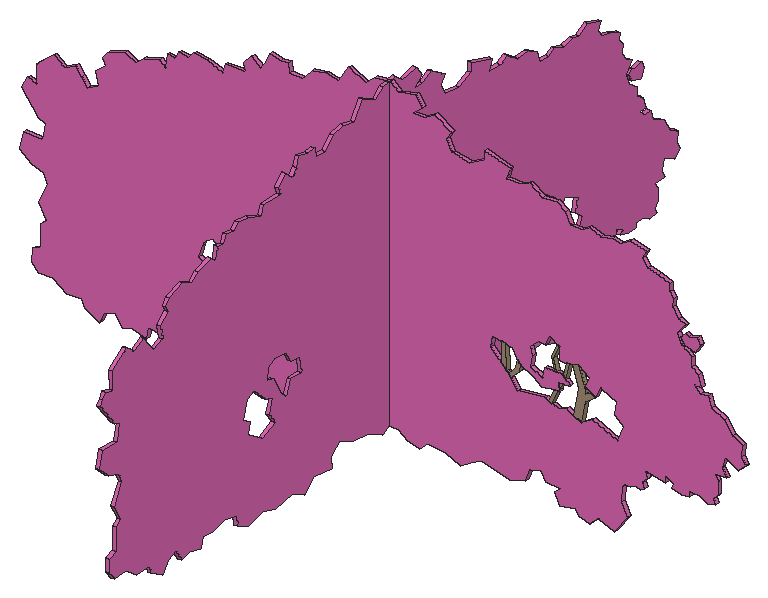
Revit family "L-PL상록관목_영산홍", category 수목, Revit 2019
Family settings
  OmniClass 번호 = 23.40.05.00
  OmniClass 제목 = Plants and Planting Products
  작업 기준면 기반 = 아니오
  항상 수직 = 예
  로드될 때 보이드를 사용하여 절단 = 아니오
  렌더 모양 소스 = 패밀리 형상
  공유 = 아니오
Parameters (values of type "영산홍")
  한국산업규격KS = ""
  조달청표준공사코드-세부공종 = "10161599202809"
  높이 = 1000 mm
  건설정보분류체계-부위분류 = "E985"
  LIM_INFO_주의사항 = "재배포, 재가공, 판매 금지"
  LIM_INFO_제작일 = "20211210"
  LIM_INFO_버전 = "2022_V01"
  LIM_INFO_PL_학명 = "Quercus myrsinaefolia Bl."
  LIM_INFO_PL_품명 = "가시나무"
  LIM_INFO_PL_주당인정수량 = 0
  LIM_INFO_PL_수목단위 = "주"
  LIM_INFO_PL_규격 = "5.0H X 18R"
  LIM_INFO_PL_구분 = "상록교목"
  LIM_INFO_PL_가격 = 0
  LIM_INFO_PL_Qty [instance] = 0
  LIM_INFO_PL_M2당수량 = 0
  KBIMS_식별-버전 = ""
  KBIMS_식별-bSK등록번호 = ""
  KBIMS_보급정보-저작자 = "림인포테크_MMJ"
  KBIMS_보급정보-보급코드 = ""
Reference planes
  plane 1 "중심(앞/뒤)": y = 0
  plane 2: z = 0
  plane 3 "중심(왼쪽/오른쪽)": x = 0
  plane 4: x = 482.5
  plane 5: x = -607.5
  plane 6: z = -545
  plane 7: z = -817.5
  plane 8: z = 5000
  plane 9: x = -100
  plane 10: x = 100
Dimensions and locks
  plane 4 to plane 5 = 1090 mm
  plane 6 to level = 545 mm
  plane 7 to plane 6 = 272.5 mm
  locked: level to plane 8 at 5000
  plane 9 to plane 10 = 200 mm
  aligned and locked: level to plane 2
Nested families
  nested 1: "영산홍_base" at (0, 0, 0), type "영산홍_base"
Definition of nested family "영산홍_base"
  Parameters (values of type "영산홍_base")
    Height = 6000 mm
  Reference planes
    plane 1 "중심(앞/뒤)": y = 0
    plane 2: z = 0
    plane 3 "중심(왼쪽/오른쪽)": x = 0
  Forms (mm)
    Extrusion 1, solid, detail levels fine
      sketch origin (0, 0, 0) x (1, 0, 0) y (0, 0, 1)
        loop
          line (18.854, 430.916) -> (7.336, 439.871) -> (-15.186, 437.056) -> (-27.472, 425.798) -> (-50.762, 437.568) -> (-65.095, 415.051) -> (-83.044, 418.59) -> (-101.667, 415.275) -> (-114.933, 400.227) -> (-133.046, 402.012) -> (-134.066, 413.489) -> (-145.291, 411.959) -> (-161.363, 415.02) -> (-165.955, 402.778) -> (-173.098, 393.851) -> (-185.343, 404.053) -> (-196.823, 391.301) -> (-193.762, 381.354) -> (-222.522, 380.916) -> (-226.416, 369.367) -> (-248.355, 376.763) -> (-266.888, 379.038) -> (-273.301, 370.939) -> (-286.972, 373.133) -> (-291.697, 362.84) -> (-303.174, 365.034) -> (-305.874, 347.655) -> (-313.244, 354.372) -> (-336.069, 347.483) -> (-347.266, 338.442) -> (-362.769, 345.761) -> (-386.456, 337.581) -> (-392.485, 328.97) -> (-388.178, 321.22) -> (-402.39, 309.165) -> (-398.954, 291.509) -> (-413.597, 284.189) -> (-421.995, 295.168) -> (-430.392, 306.147) -> (-446.327, 297.967) -> (-461.4, 308.3) -> (-485.086, 289.786) -> (-484.255, 265.139) -> (-497.175, 268.153) -> (-501.601, 260.664) -> (-505.675, 253.771) -> (-481.971, 223.138) -> (-472.197, 219.501) -> (-476.503, 197.544) -> (-502.343, 198.405) -> (-507.511, 176.016) -> (-492.007, 161.809) -> (-474.735, 157.087) -> (-468.735, 144.234) -> (-481.592, 118.098) -> (-470.877, 98.818) -> (-478.592, 92.391) -> (-478.592, 61.971) -> (-490.591, 57.687) -> (-491.02, 40.12) -> (-482.02, 29.838) -> (-462.306, 31.123) -> (-443.021, 17.841) -> (-421.484, 19.525) -> (-418.484, 9.243) -> (-397.485, -1.897) -> (-390.199, 11.813) -> (-375.628, 17.383) -> (-365.771, 1.959) -> (-351.628, 6.243) -> (-331.486, 0.674) -> (-329.343, 14.812) -> (-310.486, 13.527) -> (-290.344, 19.525) -> (-269.773, 14.812) -> (-268.487, 1.959) -> (-249.202, -6.61) -> (-224.774, 0.245) -> (-202.695, -5.212) -> (-171.508, -1.215) -> (-152.317, -10.009) -> (-135.524, 4.648) -> (-105.404, 1.716) -> (-106.736, 16.639) -> (-89.944, 29.43) -> (-66.754, 19.037) -> (-40.099, 16.106) -> (-15.356, 4.322) -> (-5.187, 11.099) -> (18.965, 11.099) -> (31.253, 1.357) -> (48.202, -2.456) -> (59.218, 7.287) -> (84.218, 4.745) -> (104.132, -4.15) -> (118.115, 3.898) -> (134.216, 12.37) -> (172.775, 2.204) -> (194.384, 8.558) -> (200.722, 24.312) -> (215.927, 30.645) -> (222.262, 17.978) -> (243.801, 16.712) -> (235.777, 9.111) -> (241.69, -5.667) -> (263.651, -2.289) -> (269.142, -8.2) -> (284.346, -13.267) -> (295.749, -2.289) -> (318.134, -10.733) -> (336.294, 12.911) -> (328.692, 30.223) -> (329.115, 48.379) -> (332.268, 52.73) -> (340.34, 52.028) -> (345.605, 56.239) -> (354.554, 53.958) -> (360.17, 56.94) -> (358.064, 64.66) -> (364.908, 70.975) -> (360.954, 79.373) -> (375.572, 77.513) -> (388.997, 75.255) -> (388.997, 83.382) -> (400.21, 76.937) -> (397.407, 71.612) -> (411.142, 67.969) -> (422.635, 69.65) -> (422.635, 75.255) -> (436.931, 75.816) -> (448.144, 69.65) -> (459.077, 72.453) -> (455.713, 78.058) -> (462.316, 85.064) -> (462.316, 101.429) -> (456.989, 109.337) -> (473.665, 110.118) -> (467.932, 121.059) -> (472.362, 135.125) -> (491.122, 125.747) -> (499.981, 134.343) -> (494.77, 144.763) -> (496.441, 158.395) -> (482.497, 165.721) -> (472.014, 182.307) -> (453.165, 190.993) -> (448.642, 204.235) -> (438.628, 203.427) -> (429.582, 210.856) -> (439.92, 210.856) -> (435.72, 226.035) -> (425.054, 232.172) -> (425.054, 243.688) -> (411.162, 254.185) -> (406.155, 267.427) -> (417.139, 280.669) -> (407.609, 285.029) -> (398.563, 296.979) -> (400.663, 308.283) -> (394.525, 315.227) -> (395.333, 324.593) -> (379.968, 330.303) -> (364.299, 334.178) -> (357.676, 343.545) -> (362.845, 352.749) -> (340.716, 359.532) -> (326.178, 350.166) -> (315.29, 352.614) -> (299.578, 349.286) -> (283.145, 354.676) -> (272.874, 348.516) -> (257.211, 349.029) -> (251.048, 363.661) -> (237.439, 371.106) -> (218.695, 369.822) -> (200.72, 381.374) -> (188.057, 375.736) -> (168.028, 375.736) -> (173.42, 389.598) -> (138.499, 399.866) -> (138.242, 388.315) -> (117.701, 378.303) -> (91.766, 381.897) -> (84.834, 396.272) -> (91.541, 406.096) -> (69.018, 420.169) -> (54.173, 411.213) -> (38.049, 411.469) -> (51.358, 422.728) -> (42.4, 435.777) -> (18.854, 430.916)
        loop
          line (416.008, 255.8) -> (431.192, 251.44) -> (437.815, 262.421) -> (433.777, 270.657) -> (421.177, 267.588) -> (417.139, 269.849) -> (410.355, 264.52) -> (416.008, 255.8)
        loop
          line (240.427, 147.3) -> (242.063, 136.941) -> (227.611, 136.669) -> (216.704, 133.67) -> (206.069, 142.666) -> (185.073, 153.025) -> (176.892, 168.291) -> (148.533, 172.926) -> (145.806, 158.75) -> (169.733, 135.855) -> (183.538, 116.772) -> (223.247, 122.224) -> (240.29, 114.046) -> (251.367, 118.817) -> (273.012, 108.935) -> (288.18, 117.794) -> (322.094, 103.994) -> (331.468, 124.78) -> (318.345, 133.981) -> (321.754, 152.211) -> (299.598, 161.753) -> (291.758, 146.589) -> (277.783, 154.767) -> (284.062, 168.744) -> (268.407, 178.743) -> (253.789, 175.107) -> (242.063, 175.924) -> (242.063, 192.554) -> (227.884, 200.732) -> (222.158, 188.464) -> (212.614, 189.282) -> (201.161, 179.468) -> (205.251, 168.836) -> (202.252, 153.57) -> (218.613, 145.937) -> (221.885, 159.568) -> (245.336, 160.386) -> (256.788, 148.663) -> (240.427, 147.3)
        loop
          line (-194.071, 134.762) -> (-182.782, 123.751) -> (-175.072, 143.571) -> (-157.449, 144.122) -> (-159.377, 164.217) -> (-175.072, 165.869) -> (-183.883, 180.183) -> (-203.709, 183.211) -> (-215.824, 175.779) -> (-216.926, 159.262) -> (-205.636, 156.785) -> (-194.071, 134.762)
        loop
          line (-247.86, 121.855) -> (-250.904, 106.917) -> (-224.341, 90.32) -> (-202.482, 101.661) -> (-212.502, 115.219) -> (-206.356, 134.026) -> (-220.744, 138.729) -> (-240.666, 157.816) -> (-251.734, 151.177) -> (-258.928, 128.217) -> (-247.86, 121.855)
      from 0 to 5
    Revolve 2, solid, detail levels coarse
      sketch origin (0, 0, 0) x (1, 0, 0) y (0, 0, 1)
        loop
          line (0, 0) -> (0, 440)
          arc (0, 440) -> (-230, 391.112) -> (-420.231, 252.901) r 565.476
          arc (-420.231, 252.901) -> (-482.468, 134.097) -> (-480, 0) r 270.543
          line (-480, 0) -> (0, 0)
        axis (0, 440) -> (0, 0)
      angle from 0 to 360
    Extrusion 3, solid, detail levels fine
      sketch origin (0, 0, 1000) x (1, 0, 0) y (0, 0, 1)
        loop
          line (273.012, -891.065) -> (277.738, -863.229) -> (291.758, -853.411) -> (284.771, -849.322) -> (277.738, -853.355) -> (277.738, -848.355) -> (268.407, -821.257) -> (259.887, -823.376) -> (269.155, -850.291) -> (262.189, -886.124) -> (273.012, -891.065)
        loop
          line (246.988, -852.153) -> (240.427, -852.7) -> (241.754, -861.098) -> (246.988, -852.153)
        loop
          line (240.536, -863.2) -> (234.607, -863.2) -> (227.106, -879.628) -> (231.614, -881.791) -> (240.536, -863.2)
        loop
          line (251.062, -845.476) -> (256.353, -824.256) -> (253.789, -824.893) -> (251.156, -824.71) -> (246.993, -841.407) -> (251.062, -845.476)
        loop
          line (238.426, -839.855) -> (234.339, -823.537) -> (241.764, -807.274) -> (239.091, -805.732) -> (231.066, -823.309) -> (235.21, -839.968) -> (238.426, -839.855)
        loop
          line (161.259, -829.154) -> (161.259, -856.036) -> (169.04, -863.482) -> (167.636, -830.196) -> (161.259, -829.154)
        loop
          line (170.847, -865.684) -> (174.053, -870.116) -> (186.276, -857.894) -> (187.837, -848.339) -> (185.073, -846.975) -> (183.314, -843.692) -> (181.453, -855.078) -> (170.847, -865.684)
      from 0 to 5
    Extrusion 4, solid, detail levels fine
      sketch origin (0, 0, 0) x (0, 1, 0) y (0, 0, 1)
        loop
          line (18.854, 430.916) -> (7.336, 439.871) -> (-15.186, 437.056) -> (-27.472, 425.798) -> (-50.762, 437.568) -> (-65.095, 415.051) -> (-83.044, 418.59) -> (-101.667, 415.275) -> (-114.933, 400.227) -> (-133.046, 402.012) -> (-134.066, 413.489) -> (-145.291, 411.959) -> (-161.363, 415.02) -> (-165.955, 402.778) -> (-173.098, 393.851) -> (-185.343, 404.053) -> (-196.823, 391.301) -> (-193.762, 381.354) -> (-222.522, 380.916) -> (-226.416, 369.367) -> (-248.355, 376.763) -> (-266.888, 379.038) -> (-273.301, 370.939) -> (-286.972, 373.133) -> (-291.697, 362.84) -> (-303.174, 365.034) -> (-305.874, 347.655) -> (-313.244, 354.372) -> (-336.069, 347.483) -> (-347.266, 338.442) -> (-362.769, 345.761) -> (-386.456, 337.581) -> (-392.485, 328.97) -> (-388.178, 321.22) -> (-402.39, 309.165) -> (-398.954, 291.509) -> (-413.597, 284.189) -> (-421.995, 295.168) -> (-430.392, 306.147) -> (-446.327, 297.967) -> (-461.4, 308.3) -> (-485.086, 289.786) -> (-484.255, 265.139) -> (-497.175, 268.153) -> (-501.601, 260.664) -> (-505.675, 253.771) -> (-481.971, 223.138) -> (-472.197, 219.501) -> (-476.503, 197.544) -> (-502.343, 198.405) -> (-507.511, 176.016) -> (-492.007, 161.809) -> (-474.735, 157.087) -> (-468.735, 144.234) -> (-481.592, 118.098) -> (-470.877, 98.818) -> (-478.592, 92.391) -> (-478.592, 61.971) -> (-490.591, 57.687) -> (-491.02, 40.12) -> (-482.02, 29.838) -> (-462.306, 31.123) -> (-443.021, 17.841) -> (-421.484, 19.525) -> (-418.484, 9.243) -> (-397.485, -1.897) -> (-390.199, 11.813) -> (-375.628, 17.383) -> (-365.771, 1.959) -> (-351.628, 6.243) -> (-331.486, 0.674) -> (-329.343, 14.812) -> (-310.486, 13.527) -> (-290.344, 19.525) -> (-269.773, 14.812) -> (-268.487, 1.959) -> (-249.202, -6.61) -> (-224.774, 0.245) -> (-202.695, -5.212) -> (-171.508, -1.215) -> (-152.317, -10.009) -> (-135.524, 4.648) -> (-105.404, 1.716) -> (-106.736, 16.639) -> (-89.944, 29.43) -> (-66.754, 19.037) -> (-40.099, 16.106) -> (-15.356, 4.322) -> (-5.187, 11.099) -> (18.965, 11.099) -> (31.253, 1.357) -> (48.202, -2.456) -> (59.218, 7.287) -> (84.218, 4.745) -> (104.132, -4.15) -> (118.115, 3.898) -> (134.216, 12.37) -> (172.775, 2.204) -> (194.384, 8.558) -> (200.722, 24.312) -> (215.927, 30.645) -> (222.262, 17.978) -> (243.801, 16.712) -> (235.777, 9.111) -> (241.69, -5.667) -> (263.651, -2.289) -> (269.142, -8.2) -> (284.346, -13.267) -> (295.749, -2.289) -> (318.134, -10.733) -> (336.294, 12.911) -> (328.692, 30.223) -> (329.115, 48.379) -> (332.268, 52.73) -> (340.34, 52.028) -> (345.605, 56.239) -> (354.554, 53.958) -> (360.17, 56.94) -> (358.064, 64.66) -> (364.908, 70.975) -> (360.954, 79.373) -> (375.572, 77.513) -> (388.997, 75.255) -> (388.997, 83.382) -> (400.21, 76.937) -> (397.407, 71.612) -> (411.142, 67.969) -> (422.635, 69.65) -> (422.635, 75.255) -> (436.931, 75.816) -> (448.144, 69.65) -> (459.077, 72.453) -> (455.713, 78.058) -> (462.316, 85.064) -> (462.316, 101.429) -> (456.989, 109.337) -> (473.665, 110.118) -> (467.932, 121.059) -> (472.362, 135.125) -> (491.122, 125.747) -> (499.981, 134.343) -> (494.77, 144.763) -> (496.441, 158.395) -> (482.497, 165.721) -> (472.014, 182.307) -> (453.165, 190.993) -> (448.642, 204.235) -> (438.628, 203.427) -> (429.582, 210.856) -> (439.92, 210.856) -> (435.72, 226.035) -> (425.054, 232.172) -> (425.054, 243.688) -> (411.162, 254.185) -> (406.155, 267.427) -> (417.139, 280.669) -> (407.609, 285.029) -> (398.563, 296.979) -> (400.663, 308.283) -> (394.525, 315.227) -> (395.333, 324.593) -> (379.968, 330.303) -> (364.299, 334.178) -> (357.676, 343.545) -> (362.845, 352.749) -> (340.716, 359.532) -> (326.178, 350.166) -> (315.29, 352.614) -> (299.578, 349.286) -> (283.145, 354.676) -> (272.874, 348.516) -> (257.211, 349.029) -> (251.048, 363.661) -> (237.439, 371.106) -> (218.695, 369.822) -> (200.72, 381.374) -> (188.057, 375.736) -> (168.028, 375.736) -> (173.42, 389.598) -> (138.499, 399.866) -> (138.242, 388.315) -> (117.701, 378.303) -> (91.766, 381.897) -> (84.834, 396.272) -> (91.541, 406.096) -> (69.018, 420.169) -> (54.173, 411.213) -> (38.049, 411.469) -> (51.358, 422.728) -> (42.4, 435.777) -> (18.854, 430.916)
        loop
          line (416.008, 255.8) -> (431.192, 251.44) -> (437.815, 262.421) -> (433.777, 270.657) -> (421.177, 267.588) -> (417.139, 269.849) -> (410.355, 264.52) -> (416.008, 255.8)
        loop
          line (240.427, 147.3) -> (242.063, 136.941) -> (227.611, 136.669) -> (216.704, 133.67) -> (206.069, 142.666) -> (185.073, 153.025) -> (176.892, 168.291) -> (148.533, 172.926) -> (145.806, 158.75) -> (169.733, 135.855) -> (183.538, 116.772) -> (223.247, 122.224) -> (240.29, 114.046) -> (251.367, 118.817) -> (273.012, 108.935) -> (288.18, 117.794) -> (322.094, 103.994) -> (331.468, 124.78) -> (318.345, 133.981) -> (321.754, 152.211) -> (299.598, 161.753) -> (291.758, 146.589) -> (277.783, 154.767) -> (284.062, 168.744) -> (268.407, 178.743) -> (253.789, 175.107) -> (242.063, 175.924) -> (242.063, 192.554) -> (227.884, 200.732) -> (222.158, 188.464) -> (212.614, 189.282) -> (201.161, 179.468) -> (205.251, 168.836) -> (202.252, 153.57) -> (218.613, 145.937) -> (221.885, 159.568) -> (245.336, 160.386) -> (256.788, 148.663) -> (240.427, 147.3)
        loop
          line (-194.071, 134.762) -> (-182.782, 123.751) -> (-175.072, 143.571) -> (-157.449, 144.122) -> (-159.377, 164.217) -> (-175.072, 165.869) -> (-183.883, 180.183) -> (-203.709, 183.211) -> (-215.824, 175.779) -> (-216.926, 159.262) -> (-205.636, 156.785) -> (-194.071, 134.762)
        loop
          line (-247.86, 121.855) -> (-250.904, 106.917) -> (-224.341, 90.32) -> (-202.482, 101.661) -> (-212.502, 115.219) -> (-206.356, 134.026) -> (-220.744, 138.729) -> (-240.666, 157.816) -> (-251.734, 151.177) -> (-258.928, 128.217) -> (-247.86, 121.855)
      from 0 to 5
    Extrusion 5, solid, detail levels fine
      sketch origin (0, 0, 1000) x (0, 1, 0) y (0, 0, 1)
        loop
          line (273.012, -891.065) -> (277.738, -863.229) -> (291.758, -853.411) -> (284.771, -849.322) -> (277.738, -853.355) -> (277.738, -848.355) -> (268.407, -821.257) -> (259.887, -823.376) -> (269.155, -850.291) -> (262.189, -886.124) -> (273.012, -891.065)
        loop
          line (246.988, -852.153) -> (240.427, -852.7) -> (241.754, -861.098) -> (246.988, -852.153)
        loop
          line (240.536, -863.2) -> (234.607, -863.2) -> (227.106, -879.628) -> (231.614, -881.791) -> (240.536, -863.2)
        loop
          line (251.062, -845.476) -> (256.353, -824.256) -> (253.789, -824.893) -> (251.156, -824.71) -> (246.993, -841.407) -> (251.062, -845.476)
        loop
          line (238.426, -839.855) -> (234.339, -823.537) -> (241.764, -807.274) -> (239.091, -805.732) -> (231.066, -823.309) -> (235.21, -839.968) -> (238.426, -839.855)
        loop
          line (161.259, -829.154) -> (161.259, -856.036) -> (169.04, -863.482) -> (167.636, -830.196) -> (161.259, -829.154)
        loop
          line (170.847, -865.684) -> (174.053, -870.116) -> (186.276, -857.894) -> (187.837, -848.339) -> (185.073, -846.975) -> (183.314, -843.692) -> (181.453, -855.078) -> (170.847, -865.684)
      from 0 to 5
  Lines and regions (mm)
    symbolic lines
      curve 1: line (115.552, -221.298, 0) -> (217.055, -397.106, 0)
      curve 2: line (141.026, -204.277, 0) -> (264.608, -365.332, 0)
      curve 3: line (115.552, 184.371, 0) -> (217.055, 360.178, 0)
      curve 4: line (141.026, 167.35, 0) -> (264.608, 328.405, 0)
      curve 5: line (164.06, 147.15, 0) -> (307.606, 290.696, 0)
      curve 6: line (184.26, 124.116, 0) -> (345.315, 247.698, 0)
      curve 7: line (-233.763, -49.035, 0) -> (-435.032, -75.532, 0)
      curve 8: line (-235.767, -18.464, 0) -> (-438.772, -18.464, 0)
      curve 9: line (29.017, -250.673, 0) -> (55.514, -451.942, 0)
      curve 10: line (59.065, -244.696, 0) -> (111.606, -440.784, 0)
      curve 11: line (88.075, -234.848, 0) -> (165.762, -422.401, 0)
      curve 12: line (-233.763, 12.107, 0) -> (-435.032, 38.605, 0)
      curve 13: line (-227.786, 42.155, 0) -> (-423.874, 94.697, 0)
      curve 14: line (-217.939, 71.166, 0) -> (-405.491, 148.852, 0)
      curve 15: line (88.075, 197.921, 0) -> (165.762, 385.473, 0)
      curve 16: circle (-5.187, -5, 0) r 26.112 normal (0, 0, 1)
      curve 17: arc (-412.295, -72.539, 0) -> (-253.755, -347.139, 0) -> (52.521, -429.205, 0) r 414.286
      curve 18: arc (156.986, 364.286, 0) -> (-160.094, 364.286, 0) -> (-384.304, 140.076, 0) r 414.286
      curve 19: arc (250.647, -347.139, 0) -> (409.187, -72.539, 0) -> (327.121, 233.737, 0) r 414.286
  Dimensions and locks
    aligned and locked: level to plane 2
